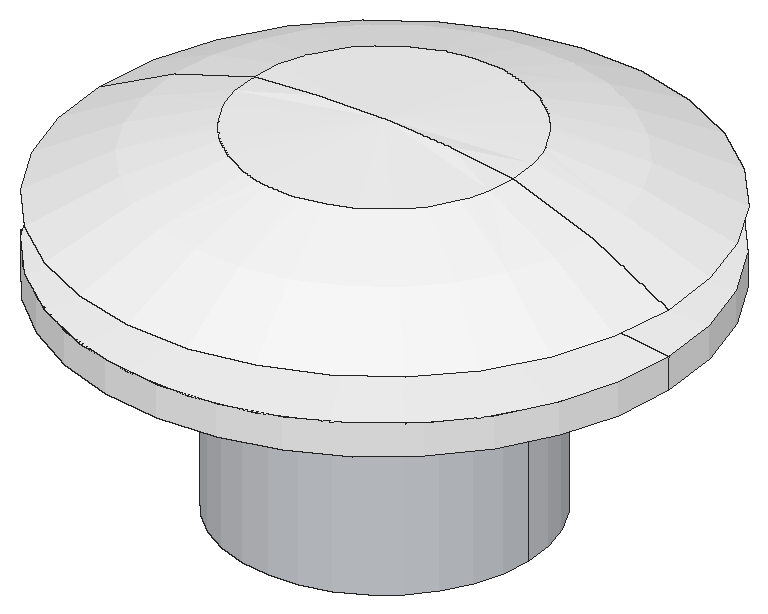
Revit family "72687117 iCONstant T - BIM file", category Mechanical Equipment, host Face, Revit 2023
Family settings
  Host = Face
  Round Connector Dimension = Use Diameter
  Part Type = Normal
  Cut with Voids When Loaded = No
  Maintain Annotation Orientation = No
  Shared = No
  Room Calculation Point = No
Parameters (values of type "ICSTT")
  iCONstant = CADS_AirFlow_White
  WeeklyMaintenance = "N/A"
  WarrantyStartDate [instance] = "1900-12-31T23:59:81"
  WarrantyPeriodWhenRegistered = "3"
  WarrantyPeriodForMotors = "1"
  WarrantyPeriod = "2"
  WarrantyGuarantorParts = "info@airflow.com"
  WarrantyGuarantorLabor = "info@airflow.com"
  WarrantyGuarantor = "Airflow Developments Ltd"
  WarrantyEndDate [instance] = "1900-12-31T23:59:59"
  WarrantyContent = "Covered against faulty material or workmanship - not reinstallation if needed"
  Uniclass2015 = "Pr_65_67_29_05"
  Type IFC Predefined Type = "NOTDEFINED"
  Type = "ICSTT"
  Timer = yes
  TagNumber [instance] = "N/A"
  SustainabilityPerformance = "N/A"
  SupplyPhase = 1
  Status = "New"
  StartingTime = 5.0 s
  Size = "120 x 197 x 197"
  ShippingWeight = 0.75 kg
  Shape = "Round"
  ServiceLifeType = "ExpectedServiceLife"
  ServiceLifeDuration = "3"
  SerialNumber [instance] = "N/A"
  SAPApproval [instance] = no
  RoomExtractAirTerminalDevices = "Continuous extract fan (dMEV) for residential properties"
  ReplacementCost = "191.736"
  RedDotDesignAward = no
  RatedVoltage = 110 V
  RatedCurrent = 3 A
  QuietMarkApproval = no
  QuarterlyMaintenance = "N/A"
  Quantity = 0
  ProductionYear = "2017"
  PowerSource = "System-powered"
  PointOfContact = "Airflow Developments Ltd"
  Plot Main Unit Driver = ""
  PassiveHouseApproval [instance] = no
  OperationTemperatureRange = "up to 40°C"
  NumberOfPoles = 1
  NominalWidth = 197 mm
  NominalStaticPressure = 23.0 Pa
  NominalRotationSpeed = 69.3 Hz
  NominalPowerRate = 3.31 W
  NominalLength = 120 mm
  NominalHeight = 197 mm
  NominalFrequencyRange = "60"
  NominalAirFlowRate = 20.0 L/s
  NBSCode = "90-45-30/310 Axial flow fans;"
  MotorEnclosureType = "Totally Enclosed Air Over"
  MotorDriveType = "Direct Drive"
  MonthlyMaintenance = "N/A"
  ModelReference = "72687117"
  ModelLabel = "iCONstant T"
  Material = "Plastic"
  ManufacturerWebsite = "www.airflow.com"
  ManufacturerTelephone = "01494 525252"
  ManufacturerE-Mail = "info@airflow.com"
  ManufacturerAddress = "Aidelle House\nLancaster Road\nCressex Business Park\nHigh Wycombe\nBucks\nHP123QP"
  Manufacturer = "Airflow Developments Ltd"
  IsGuarded = yes
  IsExtendedWarranty = no
  InsulationStandardClass = "Double Insulated"
  InstallationDate [instance] = "1900-12-31T23:59:59"
  IfcExportType = "NOTDEFINED"
  IfcExportAs = "IfcFanType"
  ISO90001 = yes
  ISO140001 = yes
  IP_Code = "IPX5"
  Humidity_Timer = no
  HasProtectiveEarth = no
  HasPartWinding = yes
  GrossWeight = 0.55 kg
  Grade = "Virgin"
  GlobalTradeItemNumber = "5019009318288"
  Flow [instance] = 0.0 L/s
  FireControlPanelLinks = no
  Finish = "Matte"
  Features = "Extracts up to 20l/sec\nNoise levels just 10dB(A)\nIPX5 Rated\nSAP Appendix Q eligible\nGuarantee constant pressure and constant volume feature"
  Fan = "Domestic continuously running (dMEV) axial fan"
  ExternalExhaustAirTerminals = "90% free air grille"
  Export Type to IFC As = "IfcFanType"
  ExpectedServiceLife = 3
  Exclusions = "Hasn't been installed or used in accordance with the instructions\nConnected with an unsuitable electrical supply\nHas been misused, neglected or damaged\nModified or repaired by someone not authorised by Airflow Developments Ltd\nHasn't been installed according to Building Regulations or IEEE wiring regulations"
  ErPEnergyRating = "C"
  E = 50 mm
  DurationUnit = "Year"
  Ductwork = "100mm flexible or rigid"
  DesignOfDomesticVentilation = "This fan should provide the minimum flow rates outlined and installed in line with Approved Document Part F of the Building Regulations."
  Description = "The quietest continuous extract (dMEV) fan available on the market"
  Default Elevation = 1219.2 mm
  DailyMaintenance = "N/A"
  D = 100 mm
  Controls = "Timer. On boost timer run on for 2, 15, 30 or 40mins"
  Constituents = "N/A"
  ConductorFunction = "N/A"
  Color = "White"
  CodePerformance = "N/A"
  Category = "Pr_65_67_29_05:Axial Flow Fans"
  CapacityControlType = "Variable Speed Drive"
  CEApproval = yes
  C = 70 mm
  BMSLinks = no
  AssetType = "Fixed"
  AssetIdentifier [instance] = "N/A"
  AssemblyPlace = "UKNOWN"
  ArticleNumber = "N/A"
  AnnualMaintenance = "N/A"
  AccessibilityPerformance = "N/A"
  AccessClearanceTop = 350 mm
  AccessClearanceRight = 350 mm
  AccessClearanceRear = 0 mm
  AccessClearanceLeft = 350 mm
  AccessClearanceFront = 350 mm
  AccessClearanceBottom = 350 mm
  A = 197 mm
  6MonthlyMaintenance = "Visually inspect system, clean the fan and ducting if necessary"
Types (3, lengths in mm): name | WarrantyStartDate | WarrantyEndDate | Type | Timer | ReplacementCost | Quantity | NominalAirFlowRate | ModelReference | ModelLabel | InstallationDate | Humidity_Timer | GlobalTradeItemNumber | Controls
  (no name) | "1900-12-31T23:59:81" | "1900-12-31T23:59:59" | "ICSTT" | yes | "191.736" | 0 | 20.0 L/s | "72687117" | "iCONstant T" | "1900-12-31T23:59:59" | no | "5019009318288" | "Timer. On boost timer run on for 2, 15, 30 or 40mins"
  ICSTT | "1900-12-31T23:59:81" | "1900-12-31T23:59:59" | "ICSTT" | yes | "191.736" | 0 | 20.0 L/s | "72687117" | "iCONstant T" | "1900-12-31T23:59:59" | no | "5019009318288" | "Timer. On boost timer run on for 2, 15, 30 or 40mins"
  ICSTHT | "1900-12-31T23:59:83" | "1900-12-31T23:59:61" | "ICSTHT" | no | "232.92" | 1 | 22.0 L/s | "72687118" | "iCONstant HT" | "1900-12-31T23:59:61" | yes | "5019009318295" | "Humidity Timer. Adjustable humidity sensor (60-90% relative humidity). On boost timer run on for 2, 15,30 or 40mins"
Reference planes
  plane 1 "Center (Front/Back)": y = 0
  plane 2: z = 0
  plane 3 "Center (Left/Right)": x = 0
  plane 4: z = 50
  plane 5: x = -98.5
  plane 6: x = 98.5
  plane 7: y = 98.5
  plane 8: y = -98.5
  plane 9: z = -70
  plane 10: z = 25
Forms (mm)
  Extrusion 1, solid
    sketch origin (0, 0, 0) x (1, 0, 0) y (0, 1, 0)
      loop
        circle (0, 0) r 50
    from 0 to -70
  Revolve 2, solid, material "CADS_AirFlow_White" <- "iCONstant", detail levels medium+fine
    sketch origin (0, 0, 0) x (1, 0, 0) y (0, 0, 1)
      loop
        line (40, 25) -> (98.5, 25)
        arc (98.5, 25) -> (51.106, 45.345) -> (0, 52.295) r 191.377
        line (0, 52.295) -> (0, 0) -> (98.5, 0) -> (98.5, 10.391)
        arc (98.5, 10.391) -> (69.314, 13.976) -> (40, 16.288) r 675.534
        line (40, 16.288) -> (40, 25)
      axis (0, 52.295) -> (0, 0)
    angle from 0 to 360
  Revolve 3, void
    sketch origin (0, 0, 0.938) x (1, 0, 0) y (0, 0, 1)
      loop
        arc (0, 48.711) -> (22.541, 48.026) -> (45, 45.977) r 372.216
        line (45, 45.977) -> (45, 55.173) -> (0, 55.173) -> (0, 48.711)
      axis (0, 55.173) -> (0, 45.977)
    angle from 0 to 360
  Revolve 4, solid, material "CADS_AirFlow_White" <- "iCONstant", detail levels coarse
    sketch origin (0, 0, 0) x (1, 0, 0) y (0, 0, 1)
      loop
        line (0, 0) -> (98.5, 0) -> (98.5, 25)
        arc (98.5, 25) -> (51.237, 45.327) -> (0, 50) r 163.89
        line (0, 50) -> (0, 0)
      axis (0, 50) -> (0, 0)
    angle from 0 to 360
Cuts and joins
  Revolve 3 cuts Revolve 2
Dimensions and locks
  "E": plane 4 to level
  equal spacing: plane 7, plane 1 "Center (Front/Back)", plane 8
  equal spacing: plane 5, plane 3 "Center (Left/Right)", plane 6
  "A": plane 7 to plane 8
  "A": plane 5 to plane 6
  "C": level to plane 9
  equal spacing: plane 2, plane 10, plane 4
  "D": diameter of Extrusion 1 sketch curve
  aligned and locked: plane 2 to host face
  aligned and locked: level to host face
  aligned and locked: Extrusion 1 to plane 9
  aligned and locked: Revolve 2 sketch curve to plane 3 "Center (Left/Right)"
  aligned and locked: Revolve 2 sketch curve to level
  aligned and locked: Revolve 2 sketch curve to plane 10
  aligned and locked: Revolve 3 sketch curve to plane 3 "Center (Left/Right)"
  aligned and locked: Revolve 4 sketch curve to plane 3 "Center (Left/Right)"
Automatic sketch dimensions
  host sketch curve to host sketch curve = 2438.4 mm  (x2)
  Revolve 3 sketch curve to plane 3 "Center (Left/Right)" = 0 mm
  Revolve 3 sketch curve to plane 3 "Center (Left/Right)" = 0.03 mm
  plane 4 to Revolve 3 sketch curve = 6.111 mm
  plane 3 "Center (Left/Right)" to Revolve 3 sketch curve = 45 mm
  Revolve 3 sketch curve to plane 4 = 0.352 mm
  Revolve 3 sketch curve to Revolve 3 sketch curve = 9.196 mm
  Revolve 3 sketch curve to Revolve 3 sketch curve = 286.095 mm
  Revolve 3 sketch curve to Revolve 3 sketch curve = 2553.885 mm
  Revolve 2 sketch curve to plane 3 "Center (Left/Right)" = 0 mm
  Revolve 2 sketch curve to plane 6 = 0 mm  (x2)
  plane 3 "Center (Left/Right)" to Revolve 2 sketch curve = 1.567 mm
  plane 3 "Center (Left/Right)" to Revolve 2 sketch curve = 40 mm
  Revolve 2 sketch curve to plane 9 = 69.082 mm
  level to Revolve 2 sketch curve = 10.391 mm
  Revolve 2 sketch curve to Revolve 2 sketch curve = 48.552 mm
  Revolve 2 sketch curve to Revolve 2 sketch curve = 2556.763 mm
  Revolve 2 sketch curve to Revolve 2 sketch curve = 519.07 mm
  Revolve 4 sketch curve to plane 3 "Center (Left/Right)" = 0 mm
  Revolve 4 sketch curve to plane 6 = 0 mm
  Revolve 4 sketch curve to level = 0 mm
  Revolve 4 sketch curve to plane 10 = 0 mm
  Revolve 4 sketch curve to plane 4 = 0 mm
  plane 3 "Center (Left/Right)" to Revolve 4 sketch curve = 10.918 mm
  Revolve 4 sketch curve to Revolve 4 sketch curve = 496.074 mm
  Revolve 4 sketch curve to Revolve 4 sketch curve = 2559.058 mm
  plane 1 "Center (Front/Back)" to Extrusion 1 sketch curve = 0 mm
  Extrusion 1 sketch curve to plane 3 "Center (Left/Right)" = 0 mm
Connectors
  hvac at (0, 0, 0), driven by "Flow"
    settings: on Extrusion 1, index 2, duct flow 0.0 L/s, flow factor 0, pres drop 0.0 Pa, loss coef 0, conn angle 0.00°, conn width 304.8 mm, conn height 304.8 mm, conn diameter 100 mm, duct sys type 3, conn prof type 0, flow config 1, flow direction 2, loss method 0, conn ref index -1, conn util no, is conn primary yes, conn desc ""
  electrical at (0, 0, -70), driven by "NumberOfPoles", driven by "RatedVoltage", driven by "NominalPowerRate"
    settings: on Extrusion 1, index 3, voltage 110 V, apparent load 3.31 VA, apparent load phase1 0 VA, apparent load phase2 0 VA, apparent load phase3 0 VA, power factor 1, load classification "Other", number of poles 1, system type 30, power factor state 1, is connector primary yes, connector utility no, sub classification motor no, connector description ""
